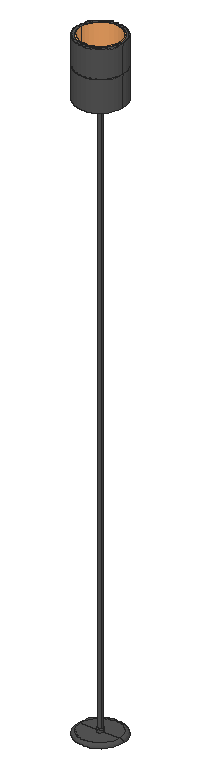
Revit family "MELO CYLINDER PENDANT LIGHT", category Lighting Fixtures, host Face, Revit 2020 (continued)
Types (16): name | Wattage_Input | Wattage Comments | Wattage | Voltage_Input | Size 08 | Size 06 | Size 04 | Selectable Wattage | Photometric Web File | Pendent Rod Length_1 | Pendent | Order number | built-in parameter 1150142 | Model | built-in parameter 1150105 | Lumens | built-in parameter 1150106 | Fixture Diameter | Canopy for Surface Mount J-box | Canopy for Recessed J-Box | Canopy Height | C2 H | C1 H | BEAMING ANGLE
    6.26 14932.55 \r\n 14510.46 14016.59 13388.57 12631.99 11699.86 10658.13 9514.22  8304.48  7045.73  5796.85  \r\n 4654.70  3726.40  2998.35  2415.89  1976.66  1630.31  1392.21  1154.94  975.35   827.28   \r\n 714.16   615.41   525.61   426.96   361.73   304.65   254.03   204.47   171.33   150.38   \r\n 129.56   116.50   106.55   99.21    93.39    88.64    84.61    80.60    74.06    56.95    \r\n 51.66    46.74    43.47    41.05    38.94    37.24    35.76    34.28    32.89    31.47    \r\n 29.72    28.15    26.62    25.12    23.65    22.25    20.89    19.59    18.32    17.10    \r\n 15.91    14.79    13.67    12.62    11.55    10.58    9.60     8.65     7.72     6.84     \r\n 6.04     5.23     4.47     3.70     3.00     2.33     1.67     1.04     0.41     0.14     \r\n 0.14     0.14     0.14     0.14     0.14     0.14     0.14     0.14     0.14     0.14     \r\n 0.14     0.14     0.14     0.14     0.16     0.16     0.16     0.16     0.16     0.17     \r\n 0.17     0.20     0.21     0.22     0.21     0.21     0.22     0.24     0.25     0.28     \r\n 0.29     0.29     0.30     0.32     0.36     0.37     0.42     0.44     0.49     0.51     \r\n 0.58     0.65     0.70     0.79     0.88     0.98     1.11     1.25     1.43     1.65     \r\n 1.90     2.22     2.58     3.01     3.51     4.07     4.70     5.38     6.12     6.90     \r\n 7.73     8.60     9.48     10.39    11.32    12.25    13.21    14.15    15.08    16.01    \r\n 16.95    17.82    18.69    19.51    20.34    21.12    21.91    22.69    23.46    24.23    \r\n 24.96    25.71    26.45    27.12    27.76    28.35    28.85    29.22    29.52    29.54    \r\n 29.87    \r\n18398.99 18322.81 18126.40 17810.95 17471.72 17139.74 16767.61 16405.73 16013.08 15610.67 \r\n 15185.20 14716.80 14116.16 13375.70 12491.59 11463.79 10333.87 9115.59  7839.07  6557.15  \r\n 5309.38  4257.42  3420.56  2753.98  2237.01  1839.86  1521.87  1303.27  1085.68  912.18   \r\n 779.84   670.69   577.34   473.02   392.91   334.84   282.10   229.31   189.06   161.61   \r\n 142.94   124.39   112.55   104.10   97.72    92.52    88.05    84.09    79.73    63.65    \r\n 55.43    50.08    45.90    43.37    40.99    39.19    37.67    36.15    34.64    33.28    \r\n 31.37    29.75    28.15    26.59    25.08    23.60    22.19    20.84    19.51    18.23    \r\n 17.01    15.81    14.65    13.54    12.45    11.40    10.41    9.41     8.47     7.54     \r\n 6.64     5.80     5.00     4.21     3.49     2.75     2.06     1.41     0.77     0.21     \r\n 0.16     0.16     0.15     0.16     0.16     0.16     0.16     0.16     0.16     0.16     \r\n 0.16     0.16     0.16     0.16     0.16     0.17     0.18     0.19     0.20     0.23     \r\n 0.23     0.24     0.24     0.24     0.24     0.24     0.24     0.25     0.28     0.30     \r\n 0.30     0.31     0.34     0.39     0.39     0.39     0.42     0.45     0.53     0.54     \r\n 0.60     0.68     0.69     0.78     0.89     0.97     1.07     1.20     1.35     1.55     \r\n 1.78     2.06     2.38     2.76     3.19     3.70     4.24     4.84     5.50     6.20     \r\n 6.94     7.70     8.53     9.36     10.25    11.13    12.02    12.92    13.83    14.72    \r\n 15.61    16.48    17.33    18.14    18.91    19.69    20.46    21.21    22.03    22.81    \r\n 23.63    24.43    25.24    26.02    26.76    27.50    28.17    28.75    29.12    29.36    \r\n 29.87    \r\n18326.41 18230.13 18017.66 17689.42 17343.27 16991.40 16630.02 16257.18 15864.89 15427.27 \r\n 14985.81 14476.83 13875.26 13113.93 12196.76 11145.85 10010.39 8776.56  7520.84  6235.52  \r\n 5046.41  4037.48  3322.20  2608.80  2119.85  1751.90  1463.15  1233.16  1044.40  882.25   \r\n 759.38   655.86   565.39   458.01   382.64   322.59   269.69   216.93   181.16   155.88   \r\n 136.56   121.55   110.06   102.02   95.91    90.81    86.47    82.47    77.56    59.42    \r\n 53.75    48.70    44.96    42.68    40.45    38.81    37.41    35.89    34.30    32.92    \r\n 31.01    29.44    27.84    26.27    24.76    23.32    21.91    20.55    19.24    17.97    \r\n 16.73    15.56    14.41    13.29    12.24    11.18    10.18    9.23     8.30     7.40     \r\n 6.51     5.69     4.86     4.10     3.34     2.62     1.95     1.27     0.65     0.14     \r\n 0.12     0.13     0.13     0.13     0.14     0.14     0.14     0.15     0.15     0.16     \r\n 0.16     0.17     0.18     0.18     0.18     0.18     0.19     0.20     0.20     0.21     \r\n 0.21     0.22     0.22     0.23     0.24     0.25     0.27     0.28     0.29     0.30     \r\n 0.32     0.33     0.35     0.36     0.39     0.41     0.45     0.48     0.52     0.56     \r\n 0.61     0.67     0.74     0.81     0.89     1.00     1.11     1.25     1.41     1.61     \r\n 1.84     2.13     2.46     2.86     3.30     3.80     4.36     4.97     5.63     6.34     \r\n 7.08     7.85     8.70     9.54     10.41    11.29    12.21    13.11    14.00    14.90    \r\n 15.79    16.65    17.49    18.30    19.09    19.85    20.62    21.39    22.18    22.98    \r\n 23.84    24.65    25.47    26.26    27.02    27.75    28.40    28.92    29.30    29.51    \r\n 29.87    \r\n18223.93 18036.29 17709.71 17356.77 16997.46 16632.04 16237.02 15837.87 15393.24 14964.46 \r\n 14457.61 13867.34 13119.07 12225.53 11194.38 10044.01 8874.01  7610.76  6334.62  5115.01  \r\n 4088.17  3259.04  2612.20  2121.66  1753.85  1472.74  1267.71  1063.47  896.59   773.78   \r\n 667.79   576.56   471.25   390.16   332.58   278.21   224.08   186.57   160.01   141.72   \r\n 123.53   111.69   103.07   96.81    91.67    87.20    83.27    78.84    61.91    54.23    \r\n 49.16    45.06    42.79    40.53    38.86    37.40    35.90    34.29    32.94    31.16    \r\n 29.56    28.00    26.43    24.92    23.47    22.06    20.72    19.40    18.13    16.91    \r\n 15.74    14.59    13.48    12.40    11.36    10.36    9.38     8.42     7.50     6.61     \r\n 5.76     4.95     4.20     3.43     2.71     2.03     1.37     0.72     0.20     0.15     \r\n 0.15     0.15     0.15     0.15     0.15     0.15     0.15     0.15     0.15     0.15     \r\n 0.15     0.15     0.15     0.15     0.15     0.16     0.17     0.18     0.19     0.20     \r\n 0.21     0.21     0.21     0.22     0.23     0.24     0.25     0.28     0.28     0.29     \r\n 0.30     0.32     0.36     0.37     0.38     0.46     0.46     0.50     0.53     0.58     \r\n 0.65     0.70     0.78     0.87     0.96     1.09     1.24     1.39     1.59     1.86     \r\n 2.14     2.47     2.87     3.32     3.82     4.40     5.01     5.68     6.40     7.14     \r\n 7.94     8.75     9.62     10.48    11.38    12.28    13.19    14.09    14.99    15.89    \r\n 16.74    17.59    18.40    19.19    19.96    20.74    21.49    22.28    23.12    23.90    \r\n 24.75    25.54    26.34    27.09    27.83    28.49    29.04    29.44    29.73    29.78    \r\n 29.87    \r\n18175.45 17993.16 17672.38 17319.50 16950.11 16573.93 16174.54 15754.79 15318.85 14880.74 \r\n 14375.05 13772.27 13029.53 12139.39 11111.59 9983.75  8809.42  7537.18  6291.52  5075.50  \r\n 4056.51  3327.91  2601.30  2118.18  1749.54  1465.09  1238.28  1052.27  889.64   765.91   \r\n 661.13   570.63   471.86   387.89   332.13   279.21   226.42   187.95   161.29   140.74   \r\n 124.74   112.56   103.61   96.95    91.52    86.96    82.76    78.28    64.15    54.45    \r\n 49.26    44.93    42.56    40.35    38.71    37.23    35.73    34.13    32.77    31.17    \r\n 29.57    28.01    26.43    24.94    23.46    22.06    20.69    19.38    18.13    16.89    \r\n 15.71    14.56    13.46    12.37    11.35    10.33    9.39     8.45     7.53     6.66     \r\n 5.82     5.01     4.22     3.49     2.76     2.05     1.41     0.75     0.18     0.12     \r\n 0.13     0.13     0.13     0.14     0.14     0.14     0.14     0.14     0.15     0.15     \r\n 0.17     0.17     0.17     0.17     0.18     0.18     0.19     0.20     0.21     0.21     \r\n 0.22     0.23     0.23     0.25     0.26     0.26     0.27     0.28     0.29     0.31     \r\n 0.33     0.35     0.37     0.39     0.41     0.45     0.48     0.51     0.56     0.61     \r\n 0.66     0.72     0.80     0.89     0.99     1.10     1.24     1.41     1.61     1.84     \r\n 2.14     2.48     2.88     3.33     3.83     4.39     5.01     5.67     6.40     7.14     \r\n 7.93     8.75     9.64     10.51    11.40    12.32    13.25    14.18    15.08    15.94    \r\n 16.81    17.64    18.46    19.26    20.06    20.85    21.64    22.44    23.24    24.04    \r\n 24.90    25.71    26.52    27.33    28.10    28.79    29.34    29.78    30.05    30.05    \r\n 29.87    \r\n18090.41 17889.97 17565.60 17210.33 16827.07 16453.45 16043.34 15643.07 15191.87 14747.08 \r\n 14222.24 13595.68 12827.30 11924.17 10894.33 9742.57  8561.32  7306.36  6071.06  4911.43  \r\n 3916.69  3138.07  2527.43  2057.45  1697.84  1419.63  1220.02  1021.24  862.46   741.42   \r\n 634.80   546.15   450.49   371.55   317.81   267.36   220.05   183.72   157.78   140.22   \r\n 122.76   111.47   103.08   96.49    90.95    86.24    81.97    77.42    62.09    53.83    \r\n 48.69    44.54    42.23    40.01    38.36    36.91    35.45    33.98    32.62    30.96    \r\n 29.38    27.79    26.25    24.75    23.29    21.89    20.56    19.25    17.99    16.77    \r\n 15.61    14.46    13.36    12.28    11.25    10.26    9.30     8.35     7.42     6.55     \r\n 5.72     4.92     4.14     3.39     2.70     2.00     1.35     0.71     0.20     0.15     \r\n 0.15     0.15     0.15     0.15     0.15     0.15     0.15     0.15     0.15     0.15     \r\n 0.15     0.15     0.15     0.15     0.16     0.16     0.18     0.21     0.23     0.24     \r\n 0.24     0.24     0.24     0.24     0.24     0.24     0.25     0.28     0.29     0.29     \r\n 0.30     0.32     0.39     0.39     0.39     0.43     0.45     0.52     0.53     0.59     \r\n 0.67     0.70     0.81     0.88     0.97     1.10     1.24     1.42     1.64     1.88     \r\n 2.19     2.55     2.96     3.43     3.94     4.53     5.16     5.84     6.55     7.31     \r\n 8.12     8.94     9.82     10.70    11.59    12.50    13.43    14.34    15.26    16.15    \r\n 17.04    17.89    18.71    19.51    20.28    21.05    21.81    22.60    23.44    24.24    \r\n 25.12    25.96    26.80    27.60    28.34    28.98    29.52    29.92    30.12    30.15    \r\n 29.87    \r\n18055.72 17896.66 17599.40 17248.43 16881.78 16497.72 16109.39 15716.54 15294.18 14852.21 \r\n 14335.31 13742.24 13036.49 12184.69 11188.18 10091.00 8929.99  7677.29  6460.59  5277.64  \r\n 4225.14  3482.14  2740.96  2222.70  1822.61  1515.56  1267.50  1072.60  909.44   778.62   \r\n 667.95   572.93   485.34   392.91   333.95   282.70   231.52   189.22   161.08   140.96   \r\n 125.77   114.11   104.83   97.79    91.98    87.15    82.84    78.74    70.20    55.44    \r\n 50.27    45.62    42.88    40.68    38.85    37.30    36.01    34.61    33.26    31.61    \r\n 29.86    28.30    26.70    25.19    23.70    22.29    20.91    19.61    18.33    17.09    \r\n 15.90    14.76    13.64    12.54    11.52    10.52    9.56     8.63     7.71     6.84     \r\n 6.00     5.19     4.40     3.66     2.93     2.23     1.58     0.93     0.33     0.13     \r\n 0.14     0.13     0.13     0.14     0.14     0.14     0.14     0.15     0.15     0.15     \r\n 0.16     0.16     0.17     0.18     0.18     0.19     0.19     0.20     0.20     0.21     \r\n 0.22     0.23     0.24     0.25     0.25     0.26     0.27     0.28     0.30     0.31     \r\n 0.32     0.35     0.36     0.38     0.41     0.43     0.47     0.50     0.54     0.59     \r\n 0.64     0.71     0.78     0.86     0.95     1.07     1.21     1.37     1.57     1.79     \r\n 2.08     2.42     2.81     3.25     3.74     4.30     4.90     5.56     6.28     7.01     \r\n 7.81     8.62     9.48     10.33    11.23    12.13    13.05    13.93    14.84    15.74    \r\n 16.60    17.47    18.34    19.15    19.97    20.78    21.57    22.39    23.22    24.06    \r\n 24.95    25.80    26.66    27.42    28.15    28.79    29.34    29.73    29.98    30.01    \r\n 29.87    \r\n17996.17 17856.61 17573.70 17224.49 16856.77 16481.91 16098.47 15723.35 15308.52 14897.89 \r\n 14387.50 13837.04 13157.19 12323.48 11352.08 10248.31 9079.71  7871.71  6639.34  5466.16  \r\n 4387.40  3509.39  2815.58  2274.83  1866.62  1556.46  1332.10  1108.62  941.75   806.47   \r\n 694.38   595.90   511.18   411.64   345.04   288.84   241.01   195.76   164.80   145.65   \r\n 126.65   114.85   105.42   98.15    92.28    87.43    83.41    79.57    73.59    56.49    \r\n 51.30    46.38    43.39    41.22    39.19    37.66    36.37    34.93    33.58    32.03    \r\n 30.13    28.53    26.96    25.42    23.94    22.51    21.13    19.82    18.54    17.30    \r\n 16.12    14.96    13.83    12.75    11.71    10.71    9.73     8.78     7.85     6.95     \r\n 6.12     5.31     4.54     3.79     3.07     2.38     1.71     1.07     0.46     0.17     \r\n 0.15     0.15     0.15     0.15     0.15     0.15     0.15     0.15     0.15     0.15     \r\n 0.15     0.15     0.15     0.15     0.16     0.17     0.17     0.18     0.21     0.23     \r\n 0.22     0.22     0.22     0.22     0.24     0.24     0.25     0.27     0.28     0.29     \r\n 0.30     0.31     0.34     0.38     0.38     0.40     0.43     0.46     0.50     0.56     \r\n 0.61     0.67     0.73     0.81     0.91     1.02     1.17     1.32     1.51     1.73     \r\n 2.00     2.34     2.71     3.16     3.64     4.20     4.79     5.44     6.14     6.88     \r\n 7.70     8.56     9.45     10.33    11.25    12.07    12.88    13.78    14.69    15.57    \r\n 16.43    17.28    18.13    18.95    19.75    20.55    21.33    22.14    22.98    23.77    \r\n 24.62    25.45    26.26    27.04    27.77    28.45    29.03    29.45    29.75    29.89    \r\n 29.87    \r\n" | "MELO08R-SP30801-10D-36-GD-BK" | 477.33 (stored number, unit not read) | 6000 lm | 4.7733 (stored number, unit not read) | 0' - 7 205/256" | no | yes | 0' - 0 1/2" | 0' - 3 115/128" | 0' - 3 205/256" | 36.00°
